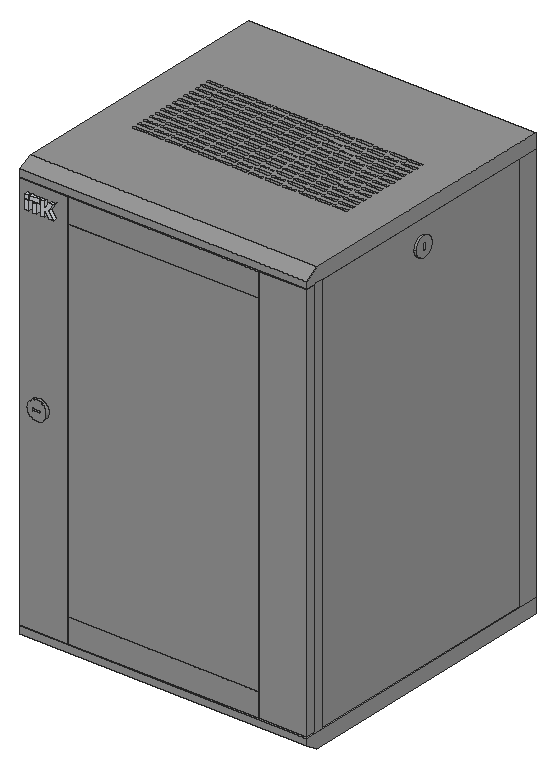
Revit family "Шкафы ITK серия W с перфорированной дверью", category Электрооборудование, Revit 2016
Family settings
  Тип детали = Другая панель
  Размер круглого соединителя = Использовать диаметр
  Номер OmniClass = 23.80.30.11.17
  Заголовок OmniClass = Distribution Boards and Control Panels
  На основе рабочей плоскости = Нет
  Всегда вертикально = Да
  При загрузке вырезать с полостями = Нет
  Общий = Нет
  Точка расчета площади = Нет
Parameters
  Ширина УГО = Ширина / 100  # 6 mm
  Ширина = 600 mm
  Степень защиты = "IP20"
  Смещение УГО по X [instance] = 1000 mm
  Описание = "Настенные шкафы ITK серии LINEA W используются для размещения компактного и не очень тяжелого 19-дюймового коммутационного оборудования и кроссов. Они предназначены для локальных сетей, разворачиваемых в условиях ограниченного пространства и не имеющих специально отведенных под нужды связи помещений. Помимо компактности, удобства размещения и обслуживания, шкафы LINEA W имеют эстетичный внешний вид, что играет немаловажную роль в таких системах.\r\n\r\nКонструктивные особенности настенных шкафов ITK позволяют обслуживать 19-дюймовое оборудование с трех сторон, надежно защищать его от посторонних, обеспечивать хорошую вентиляцию, заводить необходимые кабели и провода как сверху, так и снизу. За счет малого веса и габаритов шкафы LINEA W быстро и легко собираются/разбираются и транспортируются на новое место. Установка шкафов возможна на стене, на полу, на специальной тумбе или столе.\r\nЭргономичный дизайн и эстетичный внешний вид.\r\nСборка одним человеком за 10 минут.\r\nДоступ к оборудованию с трех сторон.\r\nМонтажные профили имеют разметку в юнитах (U).\r\nВвод кабеля сверху и снизу.\r\nХорошая естественная вентиляция, возможность установки вентиляторного модуля в крыше для улучшения температурных показателей.\r\nСтатическая нагрузка 60 кг.\r\nРасширенная базовая комплектация с L-образными уголками для установки оборудования.\r\nСовместимы с аксессуарами ITK для 19-дюймовых шкафов.\r\nЗанимает мало места при транспортировке.\r\nРасширенная гарантия до 10 лет."  # constant formula
  Материал = Окраска - RAL 9005
  Type Comments = ""
  Assembly Code = ""
  Изготовитель = "ITK"  # constant formula
  Засечка УГО = 1.2 mm  # constant formula
  Model = ""
  Глубина УГО = Глубина / 100  # 6 mm
  Глубина = 600 mm
  Высота = 905 mm
  Вид установки = "Настенный"
  URL = "http://www.itk-group.ru/produktsiya/catalog/?page=section&id=462"
  ADSK_Ток = ADSK_Номинальная мощность / (ADSK_Коэффициент мощности * ADSK_Напряжение * sqrt(ADSK_Количество фаз числовое))  # 0.0227273 A
  ADSK_Примечание = ""
  ADSK_Полная мощность = ADSK_Номинальная мощность / ADSK_Коэффициент мощности  # 5 VA
  ADSK_Позиция [instance] = ""
  ADSK_Номинальная мощность = 5 W
  ADSK_Напряжение = 220 V
  ADSK_Наименование краткое = "LWR5-18U66-PF"
  ADSK_Наименование = "ITK Шкаф LINEA W 18U 600x600 мм дверь перфорированная, RAL9005"
  ADSK_Масса = 0
  ADSK_Марка = "LWR5-18U66-PF"
  ADSK_Коэффициент мощности = 1
  ADSK_Количество фаз числовое = 1
  ADSK_Количество фаз = 1
  ADSK_Код изделия = ""
  ADSK_Классификация нагрузок = Прочее
  ADSK_Завод-изготовитель = "IEK"
  ADSK_Единица измерения = "шт"
  ADSK_Группирование = "I. ЩИТЫ И ПУЛЬТЫ"
Reference planes
  plane 1 "По центру (Вперед/Назад)": y = 0
  plane 2: z = 0
  plane 3 "По центру (Влево/Вправо)": x = 0
  plane 4: x = -300
  plane 5: x = 300
  plane 6: y = 300
  plane 7: y = -300
  plane 8: z = 905
  plane 9: z = 250
  plane 10: z = 50
  plane 11 "Смещение УГО по X": x = -1000
Forms (mm)
  Extrusion 1, solid, detail levels coarse+medium
    sketch origin (0, 0, 0) x (1, 0, 0) y (0, 1, 0)
      loop
        line (-300, 300) -> (-300, -300) -> (300, -300) -> (300, 300) -> (-300, 300)
    from 0 to 905 <- "Высота"
Lines and regions (mm)
  reference lines
    curve 1: line (0, 99.613, 0) -> (0, -95.387, 0)
Dimensions and locks
  equal spacing: plane 7, plane 1 "По центру (Вперед/Назад)", plane 6
  "Глубина": plane 7 to plane 6
  equal spacing: plane 4, plane 3 "По центру (Влево/Вправо)", plane 5
  "Ширина": plane 4 to plane 5
  "Высота": plane 8 to plane 2
  plane 11 "Смещение УГО по X" to plane 3 "По центру (Влево/Вправо)" = 1000 mm
  "Смещение УГО по X": plane 11 "Смещение УГО по X" to curve 1
  aligned and locked: level to plane 2
  aligned and locked: plane 1 "По центру (Вперед/Назад)" to nested 1
  aligned and locked: plane 3 "По центру (Влево/Вправо)" to nested 1
  aligned and locked: plane 3 "По центру (Влево/Вправо)" to nested 2
  aligned and locked: plane 1 "По центру (Вперед/Назад)" to nested 2
  aligned and locked: plane 1 "По центру (Вперед/Назад)" to nested 3
  aligned and locked: plane 3 "По центру (Влево/Вправо)" to nested 3
  aligned and locked: plane 1 "По центру (Вперед/Назад)" to nested 4
  aligned and locked: plane 3 "По центру (Влево/Вправо)" to nested 4
  aligned and locked: plane 1 "По центру (Вперед/Назад)" to nested 5
  aligned and locked: nested 5 to curve 1
  aligned and locked: Extrusion 1 sketch curve to plane 4
  aligned and locked: Extrusion 1 sketch curve to plane 6
  aligned and locked: plane 5 to Extrusion 1 sketch curve
  aligned and locked: plane 7 to Extrusion 1 sketch curve
  aligned and locked: plane 7 to nested 6
Automatic sketch dimensions
  plane 1 "По центру (Вперед/Назад)" to curve 1 = 95.387 mm
  curve 1 to plane 1 "По центру (Вперед/Назад)" = 99.613 mm
Nested families
  nested 1: "Стойка_комплект 4шт" at (0, 0, 0), type "Стойка_комплект 4шт", detail levels fine
    with Высота 905 mm
  nested 2: "Панель боковая_2шт" at (0, 0, 0), type "Панель боковая_2шт", detail levels fine
    with Глубина 600 mm, Высота 905 mm
  nested 3: "Панель задняя" at (0, 0, 0), type "Панель задняя", detail levels fine
    with Высота 905 mm
  nested 4: "Основание_2шт" at (0, 0, 0), type "Основание_2шт", detail levels fine
  nested 5: "УГО (одна дверь)" at (0, 0, 0), type "УГО (одна дверь)", detail levels coarse+medium
  nested 6: "Комплект двери перфорированной" at (0, 0, 0), type "Комплект двери перфорированной", detail levels fine
    with Высота 905 mm
Connectors
  electrical at (0, 300, 452.5), driven by "ADSK_Количество фаз", driven by "ADSK_Классификация нагрузок", driven by "ADSK_Напряжение", driven by "ADSK_Полная мощность", driven by "ADSK_Коэффициент мощности"
    settings: on nested 3, index 2, voltage 220 V, apparent load 0 VA, apparent load phase1 5 VA, apparent load phase2 0 VA, apparent load phase3 0 VA, power factor 1, load classification "Прочее", number of poles 1, system type 31, power factor state 1, is connector primary yes, connector utility no, sub classification motor no, connector description ""
Definition of nested family "Стойка_комплект 4шт"
  Parameters
    Ширина = 600 mm
    Материал = none
    Глубина = 600 mm
    Высота = 2200 mm
  Reference planes
    plane 1 "По центру (Вперед/Назад)": y = 0
    plane 2: z = 0
    plane 3 "По центру (Влево/Вправо)": x = 0
    plane 4: x = -300
    plane 5: x = 300
    plane 6: y = 300
    plane 7: y = -300
    plane 8: y = 260
    plane 9: y = -260
    plane 10: x = -260
    plane 11: x = 260
    plane 12: z = 2170
    plane 13: z = 30
    plane 14: z = 2200
  Forms (mm)
    Extrusion 1, solid, material <- "Материал"
      sketch origin (0, 0, 0) x (1, 0, 0) y (0, 1, 0)
        loop
          line (-300, -260) -> (-300, -280) -> (-245, -280) -> (-245, -260) -> (-260, -260) -> (-260, -245) -> (-270, -245) -> (-270, -260) -> (-300, -260)
        loop
          line (300, -260) -> (270, -260) -> (270, -245) -> (260, -245) -> (260, -260) -> (245, -260) -> (245, -280) -> (300, -280) -> (300, -260)
        loop
          line (300, 260) -> (300, 300) -> (260, 300) -> (260, 270) -> (245, 270) -> (245, 260) -> (260, 260) -> (260, 245) -> (270, 245) -> (270, 260) -> (300, 260)
        loop
          line (-300, 260) -> (-270, 260) -> (-270, 245) -> (-260, 245) -> (-260, 260) -> (-245, 260) -> (-245, 270) -> (-260, 270) -> (-260, 300) -> (-300, 300) -> (-300, 260)
        loop
          line (297, 297) -> (263, 297) -> (263, 267) -> (248, 267) -> (248, 263) -> (263, 263) -> (263, 248) -> (267, 248) -> (267, 263) -> (297, 263) -> (297, 297)
        loop
          line (-263, 297) -> (-297, 297) -> (-297, 263) -> (-267, 263) -> (-267, 248) -> (-263, 248) -> (-263, 263) -> (-248, 263) -> (-248, 267) -> (-263, 267) -> (-263, 297)
        loop
          line (-297, -263) -> (-297, -277) -> (-248, -277) -> (-248, -263) -> (-263, -263) -> (-263, -248) -> (-267, -248) -> (-267, -263) -> (-297, -263)
        loop
          line (297, -277) -> (297, -263) -> (267, -263) -> (267, -248) -> (263, -248) -> (263, -263) -> (248, -263) -> (248, -277) -> (297, -277)
      from 30 to 2170
  Dimensions and locks
    equal spacing: plane 7, plane 1 "По центру (Вперед/Назад)", plane 6
    equal spacing: plane 4, plane 3 "По центру (Влево/Вправо)", plane 5
    "Ширина": plane 4 to plane 5
    "Глубина": plane 7 to plane 6
    locked: plane 7 to plane 9 at 40
    locked: plane 6 to plane 8 at 40
    locked: plane 11 to plane 5 at 40
    locked: plane 4 to plane 10 at 40
    plane 14 to plane 12 = 30 mm
    plane 13 to plane 2 = 30 mm
    "Высота": plane 14 to plane 2
    aligned and locked: level to plane 2
    aligned and locked: plane 9 to Extrusion 1 sketch curve
    aligned and locked: plane 4 to Extrusion 1 sketch curve
    aligned and locked: plane 5 to Extrusion 1 sketch curve
    aligned and locked: plane 8 to Extrusion 1 sketch curve  (x2)
    aligned and locked: Extrusion 1 sketch curve to plane 11  (x2)
    aligned and locked: Extrusion 1 sketch curve to plane 6
    aligned and locked: plane 10 to Extrusion 1 sketch curve  (x2)
    aligned and locked: Extrusion 1 sketch curve to plane 8  (x2)
    aligned and locked: plane 6 to Extrusion 1 sketch curve
    aligned and locked: Extrusion 1 sketch curve to plane 4
    aligned and locked: Extrusion 1 sketch curve to plane 5
    aligned and locked: Extrusion 1 sketch curve to plane 9
    aligned and locked: plane 11 to Extrusion 1 sketch curve
    aligned and locked: plane 12 to Extrusion 1
    aligned and locked: Extrusion 1 to plane 13
  Automatic sketch dimensions
    Extrusion 1 sketch curve to plane 10 = 0 mm
    plane 9 to Extrusion 1 sketch curve = 0 mm  (x2)
    plane 4 to Extrusion 1 sketch curve = 3 mm  (x2)
    Extrusion 1 sketch curve to plane 10 = 10 mm  (x2)
    Extrusion 1 sketch curve to Extrusion 1 sketch curve = 3 mm  (x16)
    Extrusion 1 sketch curve to plane 10 = 3 mm  (x3)
    plane 10 to Extrusion 1 sketch curve = 12 mm  (x2)
    Extrusion 1 sketch curve to Extrusion 1 sketch curve = 15 mm  (x2)
    Extrusion 1 sketch curve to plane 11 = 3 mm  (x3)
    Extrusion 1 sketch curve to Extrusion 1 sketch curve = 4 mm  (x4)
    plane 5 to Extrusion 1 sketch curve = 3 mm  (x2)
    plane 9 to Extrusion 1 sketch curve = 3 mm  (x4)
    Extrusion 1 sketch curve to Extrusion 1 sketch curve = 14 mm  (x2)
    Extrusion 1 sketch curve to plane 9 = 12 mm  (x2)
    Extrusion 1 sketch curve to plane 8 = 15 mm  (x2)
    plane 8 to Extrusion 1 sketch curve = 3 mm  (x4)
    Extrusion 1 sketch curve to plane 6 = 3 mm  (x2)
Definition of nested family "Панель боковая_2шт"
  Parameters
    Ширина = 600 mm
    Материал = none
    Глубина = 450 mm
    Высота = 500 mm
  Reference planes
    plane 1 "По центру (Вперед/Назад)": y = 0
    plane 2: z = 0
    plane 3 "По центру (Влево/Вправо)": x = 0
    plane 4: x = -300
    plane 5: x = 300
    plane 6: y = 225
    plane 7: y = -225
    plane 8: y = 185
    plane 9: y = -185
    plane 10: x = -260
    plane 11: x = 260
    plane 12: z = 470
    plane 13: z = 30
    plane 14: z = 467
    plane 15: z = 33
    plane 16: z = 500
    plane 17: z = 420
  Forms (mm)
    Extrusion 1, solid, material <- "Материал"
      sketch origin (0, 0, 0) x (1, 0, 0) y (0, 1, 0)
        loop
          line (-300, 182) -> (-300, -182) -> (-269.98, -182) -> (-269.98, -172) -> (-289.98, -172) -> (-289.98, 172) -> (-270, 172) -> (-270, 182) -> (-300, 182)
        loop
          line (300, 182) -> (269.98, 182) -> (269.98, 172) -> (289.98, 172) -> (289.98, -172) -> (269.98, -172) -> (269.98, -182) -> (300, -182) -> (300, 182)
      from 33 to 467
  Dimensions and locks
    equal spacing: plane 7, plane 1 "По центру (Вперед/Назад)", plane 6
    equal spacing: plane 4, plane 3 "По центру (Влево/Вправо)", plane 5
    "Ширина": plane 4 to plane 5
    "Глубина": plane 7 to plane 6
    locked: plane 7 to plane 9 at 40
    locked: plane 6 to plane 8 at 40
    locked: plane 11 to plane 5 at 40
    locked: plane 4 to plane 10 at 40
    plane 12 to plane 14 = 3 mm
    plane 15 to plane 13 = 3 mm
    plane 16 to plane 12 = 30 mm
    plane 13 to plane 2 = 30 mm
    "Высота": plane 16 to plane 2
    plane 12 to plane 17 = 50 mm
    aligned and locked: level to plane 2
    aligned and locked: plane 4 to Extrusion 1 sketch curve
    aligned and locked: Extrusion 1 sketch curve to plane 5
    aligned and locked: plane 14 to Extrusion 1
    aligned and locked: Extrusion 1 to plane 15
    aligned and locked: nested 2 to plane 1 "По центру (Вперед/Назад)"
    aligned and locked: nested 2 to plane 17
    aligned and locked: nested 1 to plane 17
    aligned and locked: plane 1 "По центру (Вперед/Назад)" to nested 1
  Automatic sketch dimensions
    plane 4 to Extrusion 1 sketch curve = 10.02 mm
    Extrusion 1 sketch curve to plane 10 = 10 mm
    Extrusion 1 sketch curve to plane 10 = 9.98 mm
    Extrusion 1 sketch curve to plane 11 = 9.98 mm  (x2)
    plane 5 to Extrusion 1 sketch curve = 10.02 mm
    Extrusion 1 sketch curve to plane 9 = 13 mm  (x2)
    Extrusion 1 sketch curve to plane 8 = 13 mm  (x2)
    Extrusion 1 sketch curve to plane 9 = 3 mm  (x2)
    Extrusion 1 sketch curve to plane 8 = 3 mm  (x2)
  Nested families
    nested 1: "Замок" at (-300, 0, 420) x (0, -1, 0) z (-1, 0, 0), type "Замок"
    nested 2: "Замок" at (300, 0, 420) x (0, 1, 0) z (1, 0, 0), type "Замок"
  Definition of nested family "Замок"
    Parameters
      Default Elevation = 1219.2 mm
      Материал = none
    Reference planes
      plane 1 "По центру (Вперед/Назад)": y = 0
      plane 2: z = 0
      plane 3 "По центру (Влево/Вправо)": x = 0
    Forms (mm)
      Extrusion 1, solid
        sketch origin (0, 0, 0) x (1, 0, 0) y (0, 1, 0)
          loop
            line (-1219.2, 1219.2) -> (-1219.2, -1219.2) -> (1219.2, -1219.2) -> (1219.2, 1219.2) -> (-1219.2, 1219.2)
        from 0 to -304.8
      Extrusion 2, solid, material <- "Материал"
        sketch origin (0, 0, 0) x (1, 0, 0) y (0, 1, 0)
          loop
            circle (0, 0) r 20
          loop
            line (3, 8.219) -> (-3, 8.219) -> (-3, -8.219) -> (3, -8.219) -> (3, 8.219)
        from 0 to 7
    Dimensions and locks
      aligned and locked: plane 2 to Extrusion 1
      aligned and locked: level to Extrusion 1
Definition of nested family "Панель задняя"
  Parameters
    Ширина = 600 mm
    Материал = none
    Глубина = 600 mm
    Высота = 1800 mm
  Reference planes
    plane 1 "По центру (Вперед/Назад)": y = 0
    plane 2: z = 0
    plane 3 "По центру (Влево/Вправо)": x = 0
    plane 4: x = -300
    plane 5: x = 300
    plane 6: y = 300
    plane 7: y = -300
    plane 8: y = 260
    plane 9: y = -260
    plane 10: x = -260
    plane 11: x = 260
    plane 12: z = 1770
    plane 13: z = 30
    plane 14: z = 1767
    plane 15: z = 33
    plane 16: z = 1800
  Forms (mm)
    Extrusion 1, solid, material <- "Материал"
      sketch origin (0, 0, 0) x (1, 0, 0) y (0, 1, 0)
        loop
          line (-257, 300) -> (-257, 270) -> (-247, 270) -> (-247, 290) -> (247, 290) -> (247, 270) -> (257, 270) -> (257, 300) -> (-257, 300)
      from 33 to 1767
  Dimensions and locks
    equal spacing: plane 7, plane 1 "По центру (Вперед/Назад)", plane 6
    equal spacing: plane 4, plane 3 "По центру (Влево/Вправо)", plane 5
    "Ширина": plane 4 to plane 5
    "Глубина": plane 7 to plane 6
    locked: plane 7 to plane 9 at 40
    locked: plane 6 to plane 8 at 40
    locked: plane 11 to plane 5 at 40
    locked: plane 4 to plane 10 at 40
    plane 12 to plane 14 = 3 mm
    plane 15 to plane 13 = 3 mm
    plane 16 to plane 12 = 30 mm
    plane 13 to plane 2 = 30 mm
    "Высота": plane 16 to plane 2
    aligned and locked: level to plane 2
    aligned and locked: Extrusion 1 sketch curve to plane 6
    aligned and locked: plane 14 to Extrusion 1
    aligned and locked: Extrusion 1 to plane 15
  Automatic sketch dimensions
    plane 10 to Extrusion 1 sketch curve = 3 mm
    Extrusion 1 sketch curve to Extrusion 1 sketch curve = 10 mm
    plane 11 to Extrusion 1 sketch curve = 13 mm
    plane 11 to Extrusion 1 sketch curve = 3 mm
    Extrusion 1 sketch curve to plane 6 = 10 mm
    plane 8 to Extrusion 1 sketch curve = 10 mm  (x2)
Definition of nested family "Основание_2шт"
  Parameters (values of type "Основание_2шт")
    Ширина = 600 mm
    Материал = none
    Глубина = 600 mm
    Высота = 905 mm
  Reference planes
    plane 1 "По центру (Вперед/Назад)": y = 0
    plane 2: z = 0
    plane 3 "По центру (Влево/Вправо)": x = 0
    plane 4: x = -300
    plane 5: x = 300
    plane 6: y = 300
    plane 7: y = -300
    plane 8: y = 260
    plane 9: y = -260
    plane 10: x = -260
    plane 11: x = 260
    plane 12: z = 30
    plane 13: z = 905
    plane 14: z = 875
    plane 15: z = 870
    plane 16: z = 35
    plane 17: z = 895
  Forms (mm)
    Extrusion 1, solid, material <- "Материал"
      sketch origin (-1511.359, -1524, 875) x (-1, 0, 0) y (0, -1, 0)
        loop
          line (-1771.359, -1769) -> (-1771.359, -1784) -> (-1756.359, -1784) -> (-1756.359, -1814) -> (-1266.359, -1814) -> (-1266.359, -1784) -> (-1251.359, -1784) -> (-1251.359, -1769) -> (-1221.359, -1769) -> (-1221.359, -1279) -> (-1251.359, -1279) -> (-1251.359, -1264) -> (-1266.359, -1264) -> (-1266.359, -1244) -> (-1756.359, -1244) -> (-1756.359, -1264) -> (-1771.359, -1264) -> (-1771.359, -1279) -> (-1801.359, -1279) -> (-1801.359, -1769) -> (-1771.359, -1769)
      from -5 to 0
    Extrusion 2, solid, material <- "Материал"
      sketch origin (-1511.359, -1524, 384.733) x (0, 1, 0) y (1, 0, 0)
        loop
          line (1769, 1771.359) -> (1769, 1801.359) -> (1279, 1801.359) -> (1279, 1771.359) -> (1264, 1771.359) -> (1264, 1756.359) -> (1244, 1756.359) -> (1244, 1266.359) -> (1264, 1266.359) -> (1264, 1251.359) -> (1279, 1251.359) -> (1279, 1221.359) -> (1769, 1221.359) -> (1769, 1251.359) -> (1784, 1251.359) -> (1784, 1266.359) -> (1814, 1266.359) -> (1814, 1756.359) -> (1784, 1756.359) -> (1784, 1771.359) -> (1769, 1771.359)
      from 349.733 to 354.733
    Extrusion 3, solid, material <- "Материал"
      sketch origin (0, 0, 0) x (0, 1, 0) y (0, 0, 1)
        loop
          line (300, 905) -> (-273.75, 905) -> (-300, 888.75) -> (-300, 875) -> (300, 875) -> (300, 905)
        loop
          line (300, 0) -> (300, 30) -> (-300, 30) -> (-300, 16.25) -> (-273.75, 0) -> (300, 0)
      from -300 to 300
    Extrusion 4, void
      sketch origin (-5.592, -42.111, 0) x (1, 0, 0) y (0, 1, 0)
        loop
          line (-191.874, 143.081) -> (-216.941, 143.081)
          arc (-216.941, 143.081) -> (-220.354, 139.668) -> (-216.941, 136.256) r 3.413
          line (-216.941, 136.256) -> (-191.874, 136.256)
          arc (-191.874, 136.256) -> (-188.461, 139.668) -> (-191.874, 143.081) r 3.413
      from 250 to 1000
    Extrusion 5, void
      sketch origin (-5.592, -57.111, 0) x (1, 0, 0) y (0, 1, 0)
        loop
          line (-191.874, 143.081) -> (-216.941, 143.081)
          arc (-216.941, 143.081) -> (-220.354, 139.668) -> (-216.941, 136.256) r 3.413
          line (-216.941, 136.256) -> (-191.874, 136.256)
          arc (-191.874, 136.256) -> (-188.461, 139.668) -> (-191.874, 143.081) r 3.413
      from 250 to 1000
    Extrusion 6, void
      sketch origin (-5.592, -72.111, 0) x (1, 0, 0) y (0, 1, 0)
        loop
          line (-191.874, 143.081) -> (-216.941, 143.081)
          arc (-216.941, 143.081) -> (-220.354, 139.668) -> (-216.941, 136.256) r 3.413
          line (-216.941, 136.256) -> (-191.874, 136.256)
          arc (-191.874, 136.256) -> (-188.461, 139.668) -> (-191.874, 143.081) r 3.413
      from 250 to 1000
    Extrusion 7, void
      sketch origin (-5.592, -87.111, 0) x (1, 0, 0) y (0, 1, 0)
        loop
          line (-191.874, 143.081) -> (-216.941, 143.081)
          arc (-216.941, 143.081) -> (-220.354, 139.668) -> (-216.941, 136.256) r 3.413
          line (-216.941, 136.256) -> (-191.874, 136.256)
          arc (-191.874, 136.256) -> (-188.461, 139.668) -> (-191.874, 143.081) r 3.413
      from 250 to 1000
    Extrusion 8, void
      sketch origin (-5.592, -102.111, 0) x (1, 0, 0) y (0, 1, 0)
        loop
          line (-191.874, 143.081) -> (-216.941, 143.081)
          arc (-216.941, 143.081) -> (-220.354, 139.668) -> (-216.941, 136.256) r 3.413
          line (-216.941, 136.256) -> (-191.874, 136.256)
          arc (-191.874, 136.256) -> (-188.461, 139.668) -> (-191.874, 143.081) r 3.413
      from 250 to 1000
    Extrusion 9, void
      sketch origin (-5.592, -117.111, 0) x (1, 0, 0) y (0, 1, 0)
        loop
          line (-191.874, 143.081) -> (-216.941, 143.081)
          arc (-216.941, 143.081) -> (-220.354, 139.668) -> (-216.941, 136.256) r 3.413
          line (-216.941, 136.256) -> (-191.874, 136.256)
          arc (-191.874, 136.256) -> (-188.461, 139.668) -> (-191.874, 143.081) r 3.413
      from 250 to 1000
    Extrusion 10, void
      sketch origin (-5.592, -132.111, 0) x (1, 0, 0) y (0, 1, 0)
        loop
          line (-191.874, 143.081) -> (-216.941, 143.081)
          arc (-216.941, 143.081) -> (-220.354, 139.668) -> (-216.941, 136.256) r 3.413
          line (-216.941, 136.256) -> (-191.874, 136.256)
          arc (-191.874, 136.256) -> (-188.461, 139.668) -> (-191.874, 143.081) r 3.413
      from 250 to 1000
    Extrusion 11, void
      sketch origin (-5.592, -147.111, 0) x (1, 0, 0) y (0, 1, 0)
        loop
          line (-191.874, 143.081) -> (-216.941, 143.081)
          arc (-216.941, 143.081) -> (-220.354, 139.668) -> (-216.941, 136.256) r 3.413
          line (-216.941, 136.256) -> (-191.874, 136.256)
          arc (-191.874, 136.256) -> (-188.461, 139.668) -> (-191.874, 143.081) r 3.413
      from 250 to 1000
    Extrusion 12, void
      sketch origin (29.408, -42.111, 0) x (1, 0, 0) y (0, 1, 0)
        loop
          line (-191.874, 143.081) -> (-216.941, 143.081)
          arc (-216.941, 143.081) -> (-220.354, 139.668) -> (-216.941, 136.256) r 3.413
          line (-216.941, 136.256) -> (-191.874, 136.256)
          arc (-191.874, 136.256) -> (-188.461, 139.668) -> (-191.874, 143.081) r 3.413
      from 250 to 1000
    Extrusion 13, void
      sketch origin (64.408, -42.111, 0) x (1, 0, 0) y (0, 1, 0)
        loop
          line (-191.874, 143.081) -> (-216.941, 143.081)
          arc (-216.941, 143.081) -> (-220.354, 139.668) -> (-216.941, 136.256) r 3.413
          line (-216.941, 136.256) -> (-191.874, 136.256)
          arc (-191.874, 136.256) -> (-188.461, 139.668) -> (-191.874, 143.081) r 3.413
      from 250 to 1000
    Extrusion 14, void
      sketch origin (99.408, -42.111, 0) x (1, 0, 0) y (0, 1, 0)
        loop
          line (-191.874, 143.081) -> (-216.941, 143.081)
          arc (-216.941, 143.081) -> (-220.354, 139.668) -> (-216.941, 136.256) r 3.413
          line (-216.941, 136.256) -> (-191.874, 136.256)
          arc (-191.874, 136.256) -> (-188.461, 139.668) -> (-191.874, 143.081) r 3.413
      from 250 to 1000
    Extrusion 15, void
      sketch origin (134.408, -42.111, 0) x (1, 0, 0) y (0, 1, 0)
        loop
          line (-191.874, 143.081) -> (-216.941, 143.081)
          arc (-216.941, 143.081) -> (-220.354, 139.668) -> (-216.941, 136.256) r 3.413
          line (-216.941, 136.256) -> (-191.874, 136.256)
          arc (-191.874, 136.256) -> (-188.461, 139.668) -> (-191.874, 143.081) r 3.413
      from 250 to 1000
    Extrusion 16, void
      sketch origin (169.408, -42.111, 0) x (1, 0, 0) y (0, 1, 0)
        loop
          line (-191.874, 143.081) -> (-216.941, 143.081)
          arc (-216.941, 143.081) -> (-220.354, 139.668) -> (-216.941, 136.256) r 3.413
          line (-216.941, 136.256) -> (-191.874, 136.256)
          arc (-191.874, 136.256) -> (-188.461, 139.668) -> (-191.874, 143.081) r 3.413
      from 250 to 1000
    Extrusion 17, void
      sketch origin (204.408, -42.111, 0) x (1, 0, 0) y (0, 1, 0)
        loop
          line (-191.874, 143.081) -> (-216.941, 143.081)
          arc (-216.941, 143.081) -> (-220.354, 139.668) -> (-216.941, 136.256) r 3.413
          line (-216.941, 136.256) -> (-191.874, 136.256)
          arc (-191.874, 136.256) -> (-188.461, 139.668) -> (-191.874, 143.081) r 3.413
      from 250 to 1000
    Extrusion 18, void
      sketch origin (239.408, -42.111, 0) x (1, 0, 0) y (0, 1, 0)
        loop
          line (-191.874, 143.081) -> (-216.941, 143.081)
          arc (-216.941, 143.081) -> (-220.354, 139.668) -> (-216.941, 136.256) r 3.413
          line (-216.941, 136.256) -> (-191.874, 136.256)
          arc (-191.874, 136.256) -> (-188.461, 139.668) -> (-191.874, 143.081) r 3.413
      from 250 to 1000
    Extrusion 19, void
      sketch origin (274.408, -42.111, 0) x (1, 0, 0) y (0, 1, 0)
        loop
          line (-191.874, 143.081) -> (-216.941, 143.081)
          arc (-216.941, 143.081) -> (-220.354, 139.668) -> (-216.941, 136.256) r 3.413
          line (-216.941, 136.256) -> (-191.874, 136.256)
          arc (-191.874, 136.256) -> (-188.461, 139.668) -> (-191.874, 143.081) r 3.413
      from 250 to 1000
    Extrusion 20, void
      sketch origin (309.408, -42.111, 0) x (1, 0, 0) y (0, 1, 0)
        loop
          line (-191.874, 143.081) -> (-216.941, 143.081)
          arc (-216.941, 143.081) -> (-220.354, 139.668) -> (-216.941, 136.256) r 3.413
          line (-216.941, 136.256) -> (-191.874, 136.256)
          arc (-191.874, 136.256) -> (-188.461, 139.668) -> (-191.874, 143.081) r 3.413
      from 250 to 1000
    Extrusion 21, void
      sketch origin (344.408, -42.111, 0) x (1, 0, 0) y (0, 1, 0)
        loop
          line (-191.874, 143.081) -> (-216.941, 143.081)
          arc (-216.941, 143.081) -> (-220.354, 139.668) -> (-216.941, 136.256) r 3.413
          line (-216.941, 136.256) -> (-191.874, 136.256)
          arc (-191.874, 136.256) -> (-188.461, 139.668) -> (-191.874, 143.081) r 3.413
      from 250 to 1000
    Extrusion 22, void
      sketch origin (379.408, -42.111, 0) x (1, 0, 0) y (0, 1, 0)
        loop
          line (-191.874, 143.081) -> (-216.941, 143.081)
          arc (-216.941, 143.081) -> (-220.354, 139.668) -> (-216.941, 136.256) r 3.413
          line (-216.941, 136.256) -> (-191.874, 136.256)
          arc (-191.874, 136.256) -> (-188.461, 139.668) -> (-191.874, 143.081) r 3.413
      from 250 to 1000
    Extrusion 23, void
      sketch origin (414.408, -42.111, 0) x (1, 0, 0) y (0, 1, 0)
        loop
          line (-191.874, 143.081) -> (-216.941, 143.081)
          arc (-216.941, 143.081) -> (-220.354, 139.668) -> (-216.941, 136.256) r 3.413
          line (-216.941, 136.256) -> (-191.874, 136.256)
          arc (-191.874, 136.256) -> (-188.461, 139.668) -> (-191.874, 143.081) r 3.413
      from 250 to 1000
    Extrusion 24, void
      sketch origin (-5.592, -162.111, 0) x (1, 0, 0) y (0, 1, 0)
        loop
          line (-191.874, 143.081) -> (-216.941, 143.081)
          arc (-216.941, 143.081) -> (-220.354, 139.668) -> (-216.941, 136.256) r 3.413
          line (-216.941, 136.256) -> (-191.874, 136.256)
          arc (-191.874, 136.256) -> (-188.461, 139.668) -> (-191.874, 143.081) r 3.413
      from 250 to 1000
    Extrusion 25, void
      sketch origin (-5.592, -177.111, 0) x (1, 0, 0) y (0, 1, 0)
        loop
          line (-191.874, 143.081) -> (-216.941, 143.081)
          arc (-216.941, 143.081) -> (-220.354, 139.668) -> (-216.941, 136.256) r 3.413
          line (-216.941, 136.256) -> (-191.874, 136.256)
          arc (-191.874, 136.256) -> (-188.461, 139.668) -> (-191.874, 143.081) r 3.413
      from 250 to 1000
    Extrusion 26, void
      sketch origin (-5.592, -192.111, 0) x (1, 0, 0) y (0, 1, 0)
        loop
          line (-191.874, 143.081) -> (-216.941, 143.081)
          arc (-216.941, 143.081) -> (-220.354, 139.668) -> (-216.941, 136.256) r 3.413
          line (-216.941, 136.256) -> (-191.874, 136.256)
          arc (-191.874, 136.256) -> (-188.461, 139.668) -> (-191.874, 143.081) r 3.413
      from 250 to 1000
    Extrusion 27, void
      sketch origin (-5.592, -207.111, 0) x (1, 0, 0) y (0, 1, 0)
        loop
          line (-191.874, 143.081) -> (-216.941, 143.081)
          arc (-216.941, 143.081) -> (-220.354, 139.668) -> (-216.941, 136.256) r 3.413
          line (-216.941, 136.256) -> (-191.874, 136.256)
          arc (-191.874, 136.256) -> (-188.461, 139.668) -> (-191.874, 143.081) r 3.413
      from 250 to 1000
    Extrusion 28, void
      sketch origin (-5.592, -222.111, 0) x (1, 0, 0) y (0, 1, 0)
        loop
          line (-191.874, 143.081) -> (-216.941, 143.081)
          arc (-216.941, 143.081) -> (-220.354, 139.668) -> (-216.941, 136.256) r 3.413
          line (-216.941, 136.256) -> (-191.874, 136.256)
          arc (-191.874, 136.256) -> (-188.461, 139.668) -> (-191.874, 143.081) r 3.413
      from 250 to 1000
    Extrusion 29, void
      sketch origin (-5.592, -237.111, 0) x (1, 0, 0) y (0, 1, 0)
        loop
          line (-191.874, 143.081) -> (-216.941, 143.081)
          arc (-216.941, 143.081) -> (-220.354, 139.668) -> (-216.941, 136.256) r 3.413
          line (-216.941, 136.256) -> (-191.874, 136.256)
          arc (-191.874, 136.256) -> (-188.461, 139.668) -> (-191.874, 143.081) r 3.413
      from 250 to 1000
    Extrusion 30, void
      sketch origin (29.408, -57.111, 0) x (1, 0, 0) y (0, 1, 0)
        loop
          line (-191.874, 143.081) -> (-216.941, 143.081)
          arc (-216.941, 143.081) -> (-220.354, 139.668) -> (-216.941, 136.256) r 3.413
          line (-216.941, 136.256) -> (-191.874, 136.256)
          arc (-191.874, 136.256) -> (-188.461, 139.668) -> (-191.874, 143.081) r 3.413
      from 250 to 1000
    Extrusion 31, void
      sketch origin (29.408, -72.111, 0) x (1, 0, 0) y (0, 1, 0)
        loop
          line (-191.874, 143.081) -> (-216.941, 143.081)
          arc (-216.941, 143.081) -> (-220.354, 139.668) -> (-216.941, 136.256) r 3.413
          line (-216.941, 136.256) -> (-191.874, 136.256)
          arc (-191.874, 136.256) -> (-188.461, 139.668) -> (-191.874, 143.081) r 3.413
      from 250 to 1000
    Extrusion 32, void
      sketch origin (29.408, -87.111, 0) x (1, 0, 0) y (0, 1, 0)
        loop
          line (-191.874, 143.081) -> (-216.941, 143.081)
          arc (-216.941, 143.081) -> (-220.354, 139.668) -> (-216.941, 136.256) r 3.413
          line (-216.941, 136.256) -> (-191.874, 136.256)
          arc (-191.874, 136.256) -> (-188.461, 139.668) -> (-191.874, 143.081) r 3.413
      from 250 to 1000
    Extrusion 33, void
      sketch origin (29.408, -102.111, 0) x (1, 0, 0) y (0, 1, 0)
        loop
          line (-191.874, 143.081) -> (-216.941, 143.081)
          arc (-216.941, 143.081) -> (-220.354, 139.668) -> (-216.941, 136.256) r 3.413
          line (-216.941, 136.256) -> (-191.874, 136.256)
          arc (-191.874, 136.256) -> (-188.461, 139.668) -> (-191.874, 143.081) r 3.413
      from 250 to 1000
    Extrusion 34, void
      sketch origin (29.408, -117.111, 0) x (1, 0, 0) y (0, 1, 0)
        loop
          line (-191.874, 143.081) -> (-216.941, 143.081)
          arc (-216.941, 143.081) -> (-220.354, 139.668) -> (-216.941, 136.256) r 3.413
          line (-216.941, 136.256) -> (-191.874, 136.256)
          arc (-191.874, 136.256) -> (-188.461, 139.668) -> (-191.874, 143.081) r 3.413
      from 250 to 1000
    Extrusion 35, void
      sketch origin (29.408, -132.111, 0) x (1, 0, 0) y (0, 1, 0)
        loop
          line (-191.874, 143.081) -> (-216.941, 143.081)
          arc (-216.941, 143.081) -> (-220.354, 139.668) -> (-216.941, 136.256) r 3.413
          line (-216.941, 136.256) -> (-191.874, 136.256)
          arc (-191.874, 136.256) -> (-188.461, 139.668) -> (-191.874, 143.081) r 3.413
      from 250 to 1000
    Extrusion 36, void
      sketch origin (29.408, -147.111, 0) x (1, 0, 0) y (0, 1, 0)
        loop
          line (-191.874, 143.081) -> (-216.941, 143.081)
          arc (-216.941, 143.081) -> (-220.354, 139.668) -> (-216.941, 136.256) r 3.413
          line (-216.941, 136.256) -> (-191.874, 136.256)
          arc (-191.874, 136.256) -> (-188.461, 139.668) -> (-191.874, 143.081) r 3.413
      from 250 to 1000
    Extrusion 37, void
      sketch origin (29.408, -162.111, 0) x (1, 0, 0) y (0, 1, 0)
        loop
          line (-191.874, 143.081) -> (-216.941, 143.081)
          arc (-216.941, 143.081) -> (-220.354, 139.668) -> (-216.941, 136.256) r 3.413
          line (-216.941, 136.256) -> (-191.874, 136.256)
          arc (-191.874, 136.256) -> (-188.461, 139.668) -> (-191.874, 143.081) r 3.413
      from 250 to 1000
    Extrusion 38, void
      sketch origin (29.408, -177.111, 0) x (1, 0, 0) y (0, 1, 0)
        loop
          line (-191.874, 143.081) -> (-216.941, 143.081)
          arc (-216.941, 143.081) -> (-220.354, 139.668) -> (-216.941, 136.256) r 3.413
          line (-216.941, 136.256) -> (-191.874, 136.256)
          arc (-191.874, 136.256) -> (-188.461, 139.668) -> (-191.874, 143.081) r 3.413
      from 250 to 1000
    Extrusion 39, void
      sketch origin (29.408, -192.111, 0) x (1, 0, 0) y (0, 1, 0)
        loop
          line (-191.874, 143.081) -> (-216.941, 143.081)
          arc (-216.941, 143.081) -> (-220.354, 139.668) -> (-216.941, 136.256) r 3.413
          line (-216.941, 136.256) -> (-191.874, 136.256)
          arc (-191.874, 136.256) -> (-188.461, 139.668) -> (-191.874, 143.081) r 3.413
      from 250 to 1000
    Extrusion 40, void
      sketch origin (29.408, -207.111, 0) x (1, 0, 0) y (0, 1, 0)
        loop
          line (-191.874, 143.081) -> (-216.941, 143.081)
          arc (-216.941, 143.081) -> (-220.354, 139.668) -> (-216.941, 136.256) r 3.413
          line (-216.941, 136.256) -> (-191.874, 136.256)
          arc (-191.874, 136.256) -> (-188.461, 139.668) -> (-191.874, 143.081) r 3.413
      from 250 to 1000
    Extrusion 41, void
      sketch origin (29.408, -222.111, 0) x (1, 0, 0) y (0, 1, 0)
        loop
          line (-191.874, 143.081) -> (-216.941, 143.081)
          arc (-216.941, 143.081) -> (-220.354, 139.668) -> (-216.941, 136.256) r 3.413
          line (-216.941, 136.256) -> (-191.874, 136.256)
          arc (-191.874, 136.256) -> (-188.461, 139.668) -> (-191.874, 143.081) r 3.413
      from 250 to 1000
    Extrusion 42, void
      sketch origin (29.408, -237.111, 0) x (1, 0, 0) y (0, 1, 0)
        loop
          line (-191.874, 143.081) -> (-216.941, 143.081)
          arc (-216.941, 143.081) -> (-220.354, 139.668) -> (-216.941, 136.256) r 3.413
          line (-216.941, 136.256) -> (-191.874, 136.256)
          arc (-191.874, 136.256) -> (-188.461, 139.668) -> (-191.874, 143.081) r 3.413
      from 250 to 1000
    Extrusion 43, void
      sketch origin (64.408, -57.111, 0) x (1, 0, 0) y (0, 1, 0)
        loop
          line (-191.874, 143.081) -> (-216.941, 143.081)
          arc (-216.941, 143.081) -> (-220.354, 139.668) -> (-216.941, 136.256) r 3.413
          line (-216.941, 136.256) -> (-191.874, 136.256)
          arc (-191.874, 136.256) -> (-188.461, 139.668) -> (-191.874, 143.081) r 3.413
      from 250 to 1000
    Extrusion 44, void
      sketch origin (64.408, -72.111, 0) x (1, 0, 0) y (0, 1, 0)
        loop
          line (-191.874, 143.081) -> (-216.941, 143.081)
          arc (-216.941, 143.081) -> (-220.354, 139.668) -> (-216.941, 136.256) r 3.413
          line (-216.941, 136.256) -> (-191.874, 136.256)
          arc (-191.874, 136.256) -> (-188.461, 139.668) -> (-191.874, 143.081) r 3.413
      from 250 to 1000
    Extrusion 45, void
      sketch origin (64.408, -87.111, 0) x (1, 0, 0) y (0, 1, 0)
        loop
          line (-191.874, 143.081) -> (-216.941, 143.081)
          arc (-216.941, 143.081) -> (-220.354, 139.668) -> (-216.941, 136.256) r 3.413
          line (-216.941, 136.256) -> (-191.874, 136.256)
          arc (-191.874, 136.256) -> (-188.461, 139.668) -> (-191.874, 143.081) r 3.413
      from 250 to 1000
    Extrusion 46, void
      sketch origin (64.408, -102.111, 0) x (1, 0, 0) y (0, 1, 0)
        loop
          line (-191.874, 143.081) -> (-216.941, 143.081)
          arc (-216.941, 143.081) -> (-220.354, 139.668) -> (-216.941, 136.256) r 3.413
          line (-216.941, 136.256) -> (-191.874, 136.256)
          arc (-191.874, 136.256) -> (-188.461, 139.668) -> (-191.874, 143.081) r 3.413
      from 250 to 1000
    Extrusion 47, void
      sketch origin (64.408, -117.111, 0) x (1, 0, 0) y (0, 1, 0)
        loop
          line (-191.874, 143.081) -> (-216.941, 143.081)
          arc (-216.941, 143.081) -> (-220.354, 139.668) -> (-216.941, 136.256) r 3.413
          line (-216.941, 136.256) -> (-191.874, 136.256)
          arc (-191.874, 136.256) -> (-188.461, 139.668) -> (-191.874, 143.081) r 3.413
      from 250 to 1000
    Extrusion 48, void
      sketch origin (64.408, -132.111, 0) x (1, 0, 0) y (0, 1, 0)
        loop
          line (-191.874, 143.081) -> (-216.941, 143.081)
          arc (-216.941, 143.081) -> (-220.354, 139.668) -> (-216.941, 136.256) r 3.413
          line (-216.941, 136.256) -> (-191.874, 136.256)
          arc (-191.874, 136.256) -> (-188.461, 139.668) -> (-191.874, 143.081) r 3.413
      from 250 to 1000
    Extrusion 49, void
      sketch origin (64.408, -147.111, 0) x (1, 0, 0) y (0, 1, 0)
        loop
          line (-191.874, 143.081) -> (-216.941, 143.081)
          arc (-216.941, 143.081) -> (-220.354, 139.668) -> (-216.941, 136.256) r 3.413
          line (-216.941, 136.256) -> (-191.874, 136.256)
          arc (-191.874, 136.256) -> (-188.461, 139.668) -> (-191.874, 143.081) r 3.413
      from 250 to 1000
    Extrusion 50, void
      sketch origin (64.408, -162.111, 0) x (1, 0, 0) y (0, 1, 0)
        loop
          line (-191.874, 143.081) -> (-216.941, 143.081)
          arc (-216.941, 143.081) -> (-220.354, 139.668) -> (-216.941, 136.256) r 3.413
          line (-216.941, 136.256) -> (-191.874, 136.256)
          arc (-191.874, 136.256) -> (-188.461, 139.668) -> (-191.874, 143.081) r 3.413
      from 250 to 1000
    Extrusion 51, void
      sketch origin (64.408, -177.111, 0) x (1, 0, 0) y (0, 1, 0)
        loop
          line (-191.874, 143.081) -> (-216.941, 143.081)
          arc (-216.941, 143.081) -> (-220.354, 139.668) -> (-216.941, 136.256) r 3.413
          line (-216.941, 136.256) -> (-191.874, 136.256)
          arc (-191.874, 136.256) -> (-188.461, 139.668) -> (-191.874, 143.081) r 3.413
      from 250 to 1000
    Extrusion 52, void
      sketch origin (64.408, -192.111, 0) x (1, 0, 0) y (0, 1, 0)
        loop
          line (-191.874, 143.081) -> (-216.941, 143.081)
          arc (-216.941, 143.081) -> (-220.354, 139.668) -> (-216.941, 136.256) r 3.413
          line (-216.941, 136.256) -> (-191.874, 136.256)
          arc (-191.874, 136.256) -> (-188.461, 139.668) -> (-191.874, 143.081) r 3.413
      from 250 to 1000
    Extrusion 53, void
      sketch origin (64.408, -207.111, 0) x (1, 0, 0) y (0, 1, 0)
        loop
          line (-191.874, 143.081) -> (-216.941, 143.081)
          arc (-216.941, 143.081) -> (-220.354, 139.668) -> (-216.941, 136.256) r 3.413
          line (-216.941, 136.256) -> (-191.874, 136.256)
          arc (-191.874, 136.256) -> (-188.461, 139.668) -> (-191.874, 143.081) r 3.413
      from 250 to 1000
    Extrusion 54, void
      sketch origin (64.408, -222.111, 0) x (1, 0, 0) y (0, 1, 0)
        loop
          line (-191.874, 143.081) -> (-216.941, 143.081)
          arc (-216.941, 143.081) -> (-220.354, 139.668) -> (-216.941, 136.256) r 3.413
          line (-216.941, 136.256) -> (-191.874, 136.256)
          arc (-191.874, 136.256) -> (-188.461, 139.668) -> (-191.874, 143.081) r 3.413
      from 250 to 1000
    Extrusion 55, void
      sketch origin (64.408, -237.111, 0) x (1, 0, 0) y (0, 1, 0)
        loop
          line (-191.874, 143.081) -> (-216.941, 143.081)
          arc (-216.941, 143.081) -> (-220.354, 139.668) -> (-216.941, 136.256) r 3.413
          line (-216.941, 136.256) -> (-191.874, 136.256)
          arc (-191.874, 136.256) -> (-188.461, 139.668) -> (-191.874, 143.081) r 3.413
      from 250 to 1000
    Extrusion 56, void
      sketch origin (99.408, -57.111, 0) x (1, 0, 0) y (0, 1, 0)
        loop
          line (-191.874, 143.081) -> (-216.941, 143.081)
          arc (-216.941, 143.081) -> (-220.354, 139.668) -> (-216.941, 136.256) r 3.413
          line (-216.941, 136.256) -> (-191.874, 136.256)
          arc (-191.874, 136.256) -> (-188.461, 139.668) -> (-191.874, 143.081) r 3.413
      from 250 to 1000
    Extrusion 57, void
      sketch origin (99.408, -72.111, 0) x (1, 0, 0) y (0, 1, 0)
        loop
          line (-191.874, 143.081) -> (-216.941, 143.081)
          arc (-216.941, 143.081) -> (-220.354, 139.668) -> (-216.941, 136.256) r 3.413
          line (-216.941, 136.256) -> (-191.874, 136.256)
          arc (-191.874, 136.256) -> (-188.461, 139.668) -> (-191.874, 143.081) r 3.413
      from 250 to 1000
    Extrusion 58, void
      sketch origin (99.408, -87.111, 0) x (1, 0, 0) y (0, 1, 0)
        loop
          line (-191.874, 143.081) -> (-216.941, 143.081)
          arc (-216.941, 143.081) -> (-220.354, 139.668) -> (-216.941, 136.256) r 3.413
          line (-216.941, 136.256) -> (-191.874, 136.256)
          arc (-191.874, 136.256) -> (-188.461, 139.668) -> (-191.874, 143.081) r 3.413
      from 250 to 1000
    Extrusion 59, void
      sketch origin (99.408, -102.111, 0) x (1, 0, 0) y (0, 1, 0)
        loop
          line (-191.874, 143.081) -> (-216.941, 143.081)
          arc (-216.941, 143.081) -> (-220.354, 139.668) -> (-216.941, 136.256) r 3.413
          line (-216.941, 136.256) -> (-191.874, 136.256)
          arc (-191.874, 136.256) -> (-188.461, 139.668) -> (-191.874, 143.081) r 3.413
      from 250 to 1000
    Extrusion 60, void
      sketch origin (99.408, -117.111, 0) x (1, 0, 0) y (0, 1, 0)
        loop
          line (-191.874, 143.081) -> (-216.941, 143.081)
          arc (-216.941, 143.081) -> (-220.354, 139.668) -> (-216.941, 136.256) r 3.413
          line (-216.941, 136.256) -> (-191.874, 136.256)
          arc (-191.874, 136.256) -> (-188.461, 139.668) -> (-191.874, 143.081) r 3.413
      from 250 to 1000
    Extrusion 61, void
      sketch origin (99.408, -132.111, 0) x (1, 0, 0) y (0, 1, 0)
        loop
          line (-191.874, 143.081) -> (-216.941, 143.081)
          arc (-216.941, 143.081) -> (-220.354, 139.668) -> (-216.941, 136.256) r 3.413
          line (-216.941, 136.256) -> (-191.874, 136.256)
          arc (-191.874, 136.256) -> (-188.461, 139.668) -> (-191.874, 143.081) r 3.413
      from 250 to 1000
    Extrusion 62, void
      sketch origin (99.408, -147.111, 0) x (1, 0, 0) y (0, 1, 0)
        loop
          line (-191.874, 143.081) -> (-216.941, 143.081)
          arc (-216.941, 143.081) -> (-220.354, 139.668) -> (-216.941, 136.256) r 3.413
          line (-216.941, 136.256) -> (-191.874, 136.256)
          arc (-191.874, 136.256) -> (-188.461, 139.668) -> (-191.874, 143.081) r 3.413
      from 250 to 1000
    Extrusion 63, void
      sketch origin (99.408, -162.111, 0) x (1, 0, 0) y (0, 1, 0)
        loop
          line (-191.874, 143.081) -> (-216.941, 143.081)
          arc (-216.941, 143.081) -> (-220.354, 139.668) -> (-216.941, 136.256) r 3.413
          line (-216.941, 136.256) -> (-191.874, 136.256)
          arc (-191.874, 136.256) -> (-188.461, 139.668) -> (-191.874, 143.081) r 3.413
      from 250 to 1000
    Extrusion 64, void
      sketch origin (99.408, -177.111, 0) x (1, 0, 0) y (0, 1, 0)
        loop
          line (-191.874, 143.081) -> (-216.941, 143.081)
          arc (-216.941, 143.081) -> (-220.354, 139.668) -> (-216.941, 136.256) r 3.413
          line (-216.941, 136.256) -> (-191.874, 136.256)
          arc (-191.874, 136.256) -> (-188.461, 139.668) -> (-191.874, 143.081) r 3.413
      from 250 to 1000
    Extrusion 65, void
      sketch origin (99.408, -192.111, 0) x (1, 0, 0) y (0, 1, 0)
        loop
          line (-191.874, 143.081) -> (-216.941, 143.081)
          arc (-216.941, 143.081) -> (-220.354, 139.668) -> (-216.941, 136.256) r 3.413
          line (-216.941, 136.256) -> (-191.874, 136.256)
          arc (-191.874, 136.256) -> (-188.461, 139.668) -> (-191.874, 143.081) r 3.413
      from 250 to 1000
    Extrusion 66, void
      sketch origin (99.408, -207.111, 0) x (1, 0, 0) y (0, 1, 0)
        loop
          line (-191.874, 143.081) -> (-216.941, 143.081)
          arc (-216.941, 143.081) -> (-220.354, 139.668) -> (-216.941, 136.256) r 3.413
          line (-216.941, 136.256) -> (-191.874, 136.256)
          arc (-191.874, 136.256) -> (-188.461, 139.668) -> (-191.874, 143.081) r 3.413
      from 250 to 1000
    Extrusion 67, void
      sketch origin (99.408, -222.111, 0) x (1, 0, 0) y (0, 1, 0)
        loop
          line (-191.874, 143.081) -> (-216.941, 143.081)
          arc (-216.941, 143.081) -> (-220.354, 139.668) -> (-216.941, 136.256) r 3.413
          line (-216.941, 136.256) -> (-191.874, 136.256)
          arc (-191.874, 136.256) -> (-188.461, 139.668) -> (-191.874, 143.081) r 3.413
      from 250 to 1000
    Extrusion 68, void
      sketch origin (99.408, -237.111, 0) x (1, 0, 0) y (0, 1, 0)
        loop
          line (-191.874, 143.081) -> (-216.941, 143.081)
          arc (-216.941, 143.081) -> (-220.354, 139.668) -> (-216.941, 136.256) r 3.413
          line (-216.941, 136.256) -> (-191.874, 136.256)
          arc (-191.874, 136.256) -> (-188.461, 139.668) -> (-191.874, 143.081) r 3.413
      from 250 to 1000
    Extrusion 69, void
      sketch origin (134.408, -57.111, 0) x (1, 0, 0) y (0, 1, 0)
        loop
          line (-191.874, 143.081) -> (-216.941, 143.081)
          arc (-216.941, 143.081) -> (-220.354, 139.668) -> (-216.941, 136.256) r 3.413
          line (-216.941, 136.256) -> (-191.874, 136.256)
          arc (-191.874, 136.256) -> (-188.461, 139.668) -> (-191.874, 143.081) r 3.413
      from 250 to 1000
    Extrusion 70, void
      sketch origin (134.408, -72.111, 0) x (1, 0, 0) y (0, 1, 0)
        loop
          line (-191.874, 143.081) -> (-216.941, 143.081)
          arc (-216.941, 143.081) -> (-220.354, 139.668) -> (-216.941, 136.256) r 3.413
          line (-216.941, 136.256) -> (-191.874, 136.256)
          arc (-191.874, 136.256) -> (-188.461, 139.668) -> (-191.874, 143.081) r 3.413
      from 250 to 1000
    Extrusion 71, void
      sketch origin (134.408, -87.111, 0) x (1, 0, 0) y (0, 1, 0)
        loop
          line (-191.874, 143.081) -> (-216.941, 143.081)
          arc (-216.941, 143.081) -> (-220.354, 139.668) -> (-216.941, 136.256) r 3.413
          line (-216.941, 136.256) -> (-191.874, 136.256)
          arc (-191.874, 136.256) -> (-188.461, 139.668) -> (-191.874, 143.081) r 3.413
      from 250 to 1000
    Extrusion 72, void
      sketch origin (134.408, -102.111, 0) x (1, 0, 0) y (0, 1, 0)
        loop
          line (-191.874, 143.081) -> (-216.941, 143.081)
          arc (-216.941, 143.081) -> (-220.354, 139.668) -> (-216.941, 136.256) r 3.413
          line (-216.941, 136.256) -> (-191.874, 136.256)
          arc (-191.874, 136.256) -> (-188.461, 139.668) -> (-191.874, 143.081) r 3.413
      from 250 to 1000
    Extrusion 73, void
      sketch origin (134.408, -117.111, 0) x (1, 0, 0) y (0, 1, 0)
        loop
          line (-191.874, 143.081) -> (-216.941, 143.081)
          arc (-216.941, 143.081) -> (-220.354, 139.668) -> (-216.941, 136.256) r 3.413
          line (-216.941, 136.256) -> (-191.874, 136.256)
          arc (-191.874, 136.256) -> (-188.461, 139.668) -> (-191.874, 143.081) r 3.413
      from 250 to 1000
    Extrusion 74, void
      sketch origin (134.408, -132.111, 0) x (1, 0, 0) y (0, 1, 0)
        loop
          line (-191.874, 143.081) -> (-216.941, 143.081)
          arc (-216.941, 143.081) -> (-220.354, 139.668) -> (-216.941, 136.256) r 3.413
          line (-216.941, 136.256) -> (-191.874, 136.256)
          arc (-191.874, 136.256) -> (-188.461, 139.668) -> (-191.874, 143.081) r 3.413
      from 250 to 1000
    Extrusion 75, void
      sketch origin (134.408, -147.111, 0) x (1, 0, 0) y (0, 1, 0)
        loop
          line (-191.874, 143.081) -> (-216.941, 143.081)
          arc (-216.941, 143.081) -> (-220.354, 139.668) -> (-216.941, 136.256) r 3.413
          line (-216.941, 136.256) -> (-191.874, 136.256)
          arc (-191.874, 136.256) -> (-188.461, 139.668) -> (-191.874, 143.081) r 3.413
      from 250 to 1000
    Extrusion 76, void
      sketch origin (134.408, -162.111, 0) x (1, 0, 0) y (0, 1, 0)
        loop
          line (-191.874, 143.081) -> (-216.941, 143.081)
          arc (-216.941, 143.081) -> (-220.354, 139.668) -> (-216.941, 136.256) r 3.413
          line (-216.941, 136.256) -> (-191.874, 136.256)
          arc (-191.874, 136.256) -> (-188.461, 139.668) -> (-191.874, 143.081) r 3.413
      from 250 to 1000
    Extrusion 77, void
      sketch origin (134.408, -177.111, 0) x (1, 0, 0) y (0, 1, 0)
        loop
          line (-191.874, 143.081) -> (-216.941, 143.081)
          arc (-216.941, 143.081) -> (-220.354, 139.668) -> (-216.941, 136.256) r 3.413
          line (-216.941, 136.256) -> (-191.874, 136.256)
          arc (-191.874, 136.256) -> (-188.461, 139.668) -> (-191.874, 143.081) r 3.413
      from 250 to 1000
    Extrusion 78, void
      sketch origin (134.408, -192.111, 0) x (1, 0, 0) y (0, 1, 0)
        loop
          line (-191.874, 143.081) -> (-216.941, 143.081)
          arc (-216.941, 143.081) -> (-220.354, 139.668) -> (-216.941, 136.256) r 3.413
          line (-216.941, 136.256) -> (-191.874, 136.256)
          arc (-191.874, 136.256) -> (-188.461, 139.668) -> (-191.874, 143.081) r 3.413
      from 250 to 1000
    Extrusion 79, void
      sketch origin (134.408, -207.111, 0) x (1, 0, 0) y (0, 1, 0)
        loop
          line (-191.874, 143.081) -> (-216.941, 143.081)
          arc (-216.941, 143.081) -> (-220.354, 139.668) -> (-216.941, 136.256) r 3.413
          line (-216.941, 136.256) -> (-191.874, 136.256)
          arc (-191.874, 136.256) -> (-188.461, 139.668) -> (-191.874, 143.081) r 3.413
      from 250 to 1000
    Extrusion 80, void
      sketch origin (134.408, -222.111, 0) x (1, 0, 0) y (0, 1, 0)
        loop
          line (-191.874, 143.081) -> (-216.941, 143.081)
          arc (-216.941, 143.081) -> (-220.354, 139.668) -> (-216.941, 136.256) r 3.413
          line (-216.941, 136.256) -> (-191.874, 136.256)
          arc (-191.874, 136.256) -> (-188.461, 139.668) -> (-191.874, 143.081) r 3.413
      from 250 to 1000
    Extrusion 81, void
      sketch origin (134.408, -237.111, 0) x (1, 0, 0) y (0, 1, 0)
        loop
          line (-191.874, 143.081) -> (-216.941, 143.081)
          arc (-216.941, 143.081) -> (-220.354, 139.668) -> (-216.941, 136.256) r 3.413
          line (-216.941, 136.256) -> (-191.874, 136.256)
          arc (-191.874, 136.256) -> (-188.461, 139.668) -> (-191.874, 143.081) r 3.413
      from 250 to 1000
    Extrusion 82, void
      sketch origin (169.408, -57.111, 0) x (1, 0, 0) y (0, 1, 0)
        loop
          line (-191.874, 143.081) -> (-216.941, 143.081)
          arc (-216.941, 143.081) -> (-220.354, 139.668) -> (-216.941, 136.256) r 3.413
          line (-216.941, 136.256) -> (-191.874, 136.256)
          arc (-191.874, 136.256) -> (-188.461, 139.668) -> (-191.874, 143.081) r 3.413
      from 250 to 1000
    Extrusion 83, void
      sketch origin (169.408, -72.111, 0) x (1, 0, 0) y (0, 1, 0)
        loop
          line (-191.874, 143.081) -> (-216.941, 143.081)
          arc (-216.941, 143.081) -> (-220.354, 139.668) -> (-216.941, 136.256) r 3.413
          line (-216.941, 136.256) -> (-191.874, 136.256)
          arc (-191.874, 136.256) -> (-188.461, 139.668) -> (-191.874, 143.081) r 3.413
      from 250 to 1000
    Extrusion 84, void
      sketch origin (169.408, -87.111, 0) x (1, 0, 0) y (0, 1, 0)
        loop
          line (-191.874, 143.081) -> (-216.941, 143.081)
          arc (-216.941, 143.081) -> (-220.354, 139.668) -> (-216.941, 136.256) r 3.413
          line (-216.941, 136.256) -> (-191.874, 136.256)
          arc (-191.874, 136.256) -> (-188.461, 139.668) -> (-191.874, 143.081) r 3.413
      from 250 to 1000
    Extrusion 85, void
      sketch origin (169.408, -102.111, 0) x (1, 0, 0) y (0, 1, 0)
        loop
          line (-191.874, 143.081) -> (-216.941, 143.081)
          arc (-216.941, 143.081) -> (-220.354, 139.668) -> (-216.941, 136.256) r 3.413
          line (-216.941, 136.256) -> (-191.874, 136.256)
          arc (-191.874, 136.256) -> (-188.461, 139.668) -> (-191.874, 143.081) r 3.413
      from 250 to 1000
    Extrusion 86, void
      sketch origin (169.408, -117.111, 0) x (1, 0, 0) y (0, 1, 0)
        loop
          line (-191.874, 143.081) -> (-216.941, 143.081)
          arc (-216.941, 143.081) -> (-220.354, 139.668) -> (-216.941, 136.256) r 3.413
          line (-216.941, 136.256) -> (-191.874, 136.256)
          arc (-191.874, 136.256) -> (-188.461, 139.668) -> (-191.874, 143.081) r 3.413
      from 250 to 1000
    Extrusion 87, void
      sketch origin (169.408, -132.111, 0) x (1, 0, 0) y (0, 1, 0)
        loop
          line (-191.874, 143.081) -> (-216.941, 143.081)
          arc (-216.941, 143.081) -> (-220.354, 139.668) -> (-216.941, 136.256) r 3.413
          line (-216.941, 136.256) -> (-191.874, 136.256)
          arc (-191.874, 136.256) -> (-188.461, 139.668) -> (-191.874, 143.081) r 3.413
      from 250 to 1000
    Extrusion 88, void
      sketch origin (169.408, -147.111, 0) x (1, 0, 0) y (0, 1, 0)
        loop
          line (-191.874, 143.081) -> (-216.941, 143.081)
          arc (-216.941, 143.081) -> (-220.354, 139.668) -> (-216.941, 136.256) r 3.413
          line (-216.941, 136.256) -> (-191.874, 136.256)
          arc (-191.874, 136.256) -> (-188.461, 139.668) -> (-191.874, 143.081) r 3.413
      from 250 to 1000
    Extrusion 89, void
      sketch origin (169.408, -162.111, 0) x (1, 0, 0) y (0, 1, 0)
        loop
          line (-191.874, 143.081) -> (-216.941, 143.081)
          arc (-216.941, 143.081) -> (-220.354, 139.668) -> (-216.941, 136.256) r 3.413
          line (-216.941, 136.256) -> (-191.874, 136.256)
          arc (-191.874, 136.256) -> (-188.461, 139.668) -> (-191.874, 143.081) r 3.413
      from 250 to 1000
    Extrusion 90, void
      sketch origin (169.408, -177.111, 0) x (1, 0, 0) y (0, 1, 0)
        loop
          line (-191.874, 143.081) -> (-216.941, 143.081)
          arc (-216.941, 143.081) -> (-220.354, 139.668) -> (-216.941, 136.256) r 3.413
          line (-216.941, 136.256) -> (-191.874, 136.256)
          arc (-191.874, 136.256) -> (-188.461, 139.668) -> (-191.874, 143.081) r 3.413
      from 250 to 1000
    Extrusion 91, void
      sketch origin (169.408, -192.111, 0) x (1, 0, 0) y (0, 1, 0)
        loop
          line (-191.874, 143.081) -> (-216.941, 143.081)
          arc (-216.941, 143.081) -> (-220.354, 139.668) -> (-216.941, 136.256) r 3.413
          line (-216.941, 136.256) -> (-191.874, 136.256)
          arc (-191.874, 136.256) -> (-188.461, 139.668) -> (-191.874, 143.081) r 3.413
      from 250 to 1000
    Extrusion 92, void
      sketch origin (169.408, -207.111, 0) x (1, 0, 0) y (0, 1, 0)
        loop
          line (-191.874, 143.081) -> (-216.941, 143.081)
          arc (-216.941, 143.081) -> (-220.354, 139.668) -> (-216.941, 136.256) r 3.413
          line (-216.941, 136.256) -> (-191.874, 136.256)
          arc (-191.874, 136.256) -> (-188.461, 139.668) -> (-191.874, 143.081) r 3.413
      from 250 to 1000
    Extrusion 93, void
      sketch origin (169.408, -222.111, 0) x (1, 0, 0) y (0, 1, 0)
        loop
          line (-191.874, 143.081) -> (-216.941, 143.081)
          arc (-216.941, 143.081) -> (-220.354, 139.668) -> (-216.941, 136.256) r 3.413
          line (-216.941, 136.256) -> (-191.874, 136.256)
          arc (-191.874, 136.256) -> (-188.461, 139.668) -> (-191.874, 143.081) r 3.413
      from 250 to 1000
    Extrusion 94, void
      sketch origin (169.408, -237.111, 0) x (1, 0, 0) y (0, 1, 0)
        loop
          line (-191.874, 143.081) -> (-216.941, 143.081)
          arc (-216.941, 143.081) -> (-220.354, 139.668) -> (-216.941, 136.256) r 3.413
          line (-216.941, 136.256) -> (-191.874, 136.256)
          arc (-191.874, 136.256) -> (-188.461, 139.668) -> (-191.874, 143.081) r 3.413
      from 250 to 1000
    Extrusion 95, void
      sketch origin (204.408, -57.111, 0) x (1, 0, 0) y (0, 1, 0)
        loop
          line (-191.874, 143.081) -> (-216.941, 143.081)
          arc (-216.941, 143.081) -> (-220.354, 139.668) -> (-216.941, 136.256) r 3.413
          line (-216.941, 136.256) -> (-191.874, 136.256)
          arc (-191.874, 136.256) -> (-188.461, 139.668) -> (-191.874, 143.081) r 3.413
      from 250 to 1000
    Extrusion 96, void
      sketch origin (204.408, -72.111, 0) x (1, 0, 0) y (0, 1, 0)
        loop
          line (-191.874, 143.081) -> (-216.941, 143.081)
          arc (-216.941, 143.081) -> (-220.354, 139.668) -> (-216.941, 136.256) r 3.413
          line (-216.941, 136.256) -> (-191.874, 136.256)
          arc (-191.874, 136.256) -> (-188.461, 139.668) -> (-191.874, 143.081) r 3.413
      from 250 to 1000
    Extrusion 97, void
      sketch origin (204.408, -87.111, 0) x (1, 0, 0) y (0, 1, 0)
        loop
          line (-191.874, 143.081) -> (-216.941, 143.081)
          arc (-216.941, 143.081) -> (-220.354, 139.668) -> (-216.941, 136.256) r 3.413
          line (-216.941, 136.256) -> (-191.874, 136.256)
          arc (-191.874, 136.256) -> (-188.461, 139.668) -> (-191.874, 143.081) r 3.413
      from 250 to 1000
    Extrusion 98, void
      sketch origin (204.408, -102.111, 0) x (1, 0, 0) y (0, 1, 0)
        loop
          line (-191.874, 143.081) -> (-216.941, 143.081)
          arc (-216.941, 143.081) -> (-220.354, 139.668) -> (-216.941, 136.256) r 3.413
          line (-216.941, 136.256) -> (-191.874, 136.256)
          arc (-191.874, 136.256) -> (-188.461, 139.668) -> (-191.874, 143.081) r 3.413
      from 250 to 1000
    Extrusion 99, void
      sketch origin (204.408, -117.111, 0) x (1, 0, 0) y (0, 1, 0)
        loop
          line (-191.874, 143.081) -> (-216.941, 143.081)
          arc (-216.941, 143.081) -> (-220.354, 139.668) -> (-216.941, 136.256) r 3.413
          line (-216.941, 136.256) -> (-191.874, 136.256)
          arc (-191.874, 136.256) -> (-188.461, 139.668) -> (-191.874, 143.081) r 3.413
      from 250 to 1000
    Extrusion 100, void
      sketch origin (204.408, -132.111, 0) x (1, 0, 0) y (0, 1, 0)
        loop
          line (-191.874, 143.081) -> (-216.941, 143.081)
          arc (-216.941, 143.081) -> (-220.354, 139.668) -> (-216.941, 136.256) r 3.413
          line (-216.941, 136.256) -> (-191.874, 136.256)
          arc (-191.874, 136.256) -> (-188.461, 139.668) -> (-191.874, 143.081) r 3.413
      from 250 to 1000
    Extrusion 101, void
      sketch origin (204.408, -147.111, 0) x (1, 0, 0) y (0, 1, 0)
        loop
          line (-191.874, 143.081) -> (-216.941, 143.081)
          arc (-216.941, 143.081) -> (-220.354, 139.668) -> (-216.941, 136.256) r 3.413
